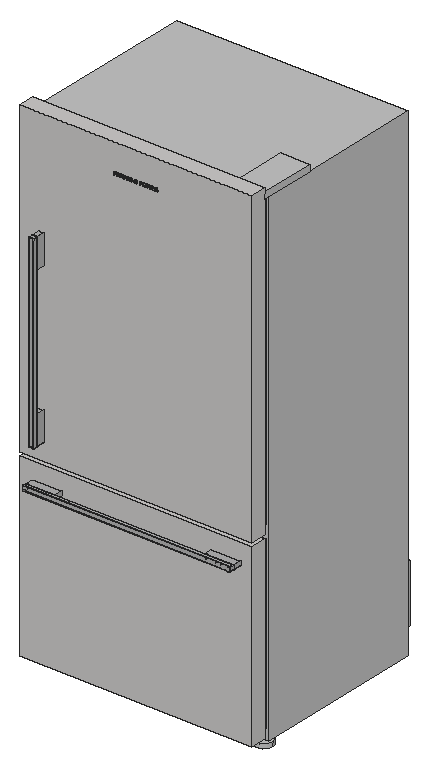
Revit family "FP-Revit18-RF522WDRX5-Fridges", category Specialty Equipment, Revit 2018
Family settings
  Round Connector Dimension = Use Diameter
  Part Type = Normal
  OmniClass Number = 23.40.40.11.11.17
  OmniClass Title = Refrigerator-Freezer
  Work Plane-Based = No
  Always vertical = Yes
  Cut with Voids When Loaded = Yes
  Shared = No
  Room Calculation Point = No
Parameters (values of type "RF522WDRX5")
  Visibility - Contemporary square handle = yes
  Visibility - Contemporary round handle = no
  Visibility - Clearance Required = yes
  URL = "www.fisherpaykel.com"
  Product - Width = 790 mm  # constant formula
  Product - Height = 1720 mm  # constant formula
  Product - Depth = 737 mm  # constant formula
  Model = "RF522WDRX5"
  Material - Logo = Fisher & Paykel - Steel, Chrome Plated
  Material - Handle = Fisher & Paykel - Aluminium
  Material - Door Structure = Fisher & Paykel - White
  Material - Door Front = Fisher & Paykel - Stainless Steel
  Material - Body = Fisher & Paykel - Grey
  Manufacturer = "Fisher & Paykel Appliances"
  Hinge - Height = 22 mm  # constant formula
  Description = "79cm Freestanding Refrigerator with Bottom Freezer"
  Connector Description - Electrical = "230 V, 50 Hz"
  Chassis - Width = 790 mm  # constant formula
  Chassis - Height = 1662 mm  # constant formula
  Chassis - Depth = 625 mm  # constant formula
  Cavity - Width = 830 mm  # constant formula
  Cavity - Height = 1735 mm  # constant formula
  Cavity - Depth = 625 mm  # constant formula
Reference planes
  plane 1 "Datum": y = 0
  plane 2: z = 0
  plane 3 "Center (Left/Right)": x = 0
  plane 4 "Product LHS": x = -395
  plane 5 "Product RHS": x = 395
  plane 6 "Product - Depth": y = 625
  plane 7 "Cavity LHS": x = -415
  plane 8 "Cavity RHS": x = 415
  plane 9 "Cavity - Depth": y = 625
  plane 10 "Product Height": z = 1720
  plane 11 "Cavity Height": z = 1735
  plane 12 "Door Panel Front": y = -70
Forms (mm)
  Extrusion 1, solid, material "Fisher & Paykel - Grey" <- "Material - Body"
    sketch origin (0, 0, 0) x (0, 1, 0) y (0, 0, 1)
      loop
        line (0, 24) -> (595, 24) -> (595, 1686) -> (0, 1686) -> (0, 24)
    from -395 to 395
  Extrusion 2, solid, material "Fisher & Paykel - Grey" <- "Material - Body"
    sketch origin (0, 0, 0) x (1, 0, 0) y (0, 1, 0)
      loop
        circle (-365, 18.6) r 4.9
      loop
        circle (365, 18.6) r 4.9
    from 14 to 24
  Extrusion 3, solid, material "Fisher & Paykel - Grey" <- "Material - Body"
    sketch origin (0, 0, 0) x (1, 0, 0) y (0, 1, 0)
      loop
        circle (-365, 18.6) r 30
      loop
        circle (365, 18.6) r 30
    from 0 to 14
  Extrusion 4, solid, material "Fisher & Paykel - Grey" <- "Material - Body"
    sketch origin (0, 0, 0) x (1, 0, 0) y (0, 0, 1)
      loop
        circle (355.042, 69) r 5
      loop
        circle (305.042, 69) r 5
    from -615 to -595
  Extrusion 5, solid, material "Fisher & Paykel - White" <- "Material - Door Structure"
    sketch origin (0, 0, 0) x (1, 0, 0) y (0, 1, 0)
      loop
        line (-387, 0) -> (-387, -15) -> (387, -15) -> (387, 0) -> (-387, 0)
    from 682 to 1680
  Extrusion 6, solid, material "Fisher & Paykel - Stainless Steel" <- "Material - Door Front"
    sketch origin (0, 0, 0) x (1, 0, 0) y (0, 1, 0)
      loop
        line (-395, -15) -> (-395, -70) -> (395, -70) -> (395, -15) -> (-395, -15)
    from 660 to 1720
  Extrusion 7, solid, material "Fisher & Paykel - Clearance Required", visible <- "Visibility - Clearance Required", detail levels coarse
    sketch origin (0, 0, 0) x (1, 0, 0) y (0, 1, 0)
      loop
        line (-415, 625) -> (-415, -70) -> (530, -70) -> (530, 0) -> (415, 0) -> (415, 625) -> (-415, 625)
    from 0 to 1735
  Extrusion 8, void
    sketch origin (0, 0, 0) x (1, 0, 0) y (0, 1, 0)
      loop
        line (-415, 625) -> (-415, -70) -> (530, -70) -> (530, 0) -> (415, 0) -> (415, 625) -> (-415, 625)
    from 0 to 1735
  Extrusion 9, solid, material "Fisher & Paykel - Stainless Steel" <- "Material - Door Front"
    sketch origin (0, 0, 0) x (1, 0, 0) y (0, 1, 0)
      loop
        line (-395, -15) -> (-395, -70) -> (395, -70) -> (395, -15) -> (-395, -15)
    from 37 to 647
  Extrusion 10, solid, material "Fisher & Paykel - White" <- "Material - Door Structure"
    sketch origin (0, 0, 0) x (1, 0, 0) y (0, 1, 0)
      loop
        line (-387, 0) -> (-387, -15) -> (387, -15) -> (387, 0) -> (-387, 0)
    from 59 to 639
  Extrusion 11, solid, material "Fisher & Paykel - Grey" <- "Material - Body"
    sketch origin (229.237, 0, 0) x (0, 1, 0) y (0, 0, 1)
      loop
        line (595, 324) -> (595, 94) -> (625, 94) -> (625, 294) -> (595, 324)
    from -604.237 to 145.763
  Extrusion 12, solid, material "Fisher & Paykel - Grey" <- "Material - Body"
    sketch origin (0, 0, 0) x (0, 1, 0) y (0, 0, 1)
      loop
        line (595, 94) -> (595, 24) -> (625, 24) -> (625, 94) -> (595, 94)
    from -375 to 280
  Extrusion 13, solid, material "Fisher & Paykel - Grey" <- "Material - Body", detail levels fine
    sketch origin (0, 0, -4) x (0, 1, 0) y (0, 0, -1)
      loop
        line (62.091, -28) -> (112.909, -28)
        arc (112.909, -28) -> (87.5, -4) -> (62.091, -28) r 25.45
      loop
        line (503.639, -28) -> (554.456, -28)
        arc (554.456, -28) -> (529.047, -4) -> (503.639, -28) r 25.45
    from 345 to 362
  Extrusion 14, solid, material "Fisher & Paykel - Grey" <- "Material - Body"
    sketch origin (0, 0, 0) x (1, 0, 0) y (0, 1, 0)
      loop
        line (296.4, 174) -> (296.4, -15) -> (395, -15) -> (395, 174) -> (296.4, 174)
    from 1686 to 1708
  Extrusion 15, solid, material "Fisher & Paykel - Clearance Required", visible <- "Visibility - Clearance Required", detail levels coarse
    sketch origin (0, 0, 0) x (1, 0, 0) y (0, 1, 0)
      loop
        line (460.698, -70) -> (-395, -70)
        arc (-395, -70) -> (135.432, -761.124) -> (975.827, -531.456) r 781.226
        line (975.827, -531.456) -> (928.753, -489.287) -> (956.777, -458.004) -> (945.37, -447.786) -> (917.346, -479.069) -> (460.698, -70)
    from 660 to 1735
  Extrusion 16, solid, material "Fisher & Paykel - Grey" <- "Material - Body", detail levels fine
    sketch origin (0, 0, -4) x (0, 1, 0) y (0, 0, 1)
      loop
        arc (62.091, 28) -> (87.5, 4) -> (112.909, 28) r 25.45
        line (112.909, 28) -> (62.091, 28)
      loop
        arc (503.639, 28) -> (529.047, 4) -> (554.456, 28) r 25.45
        line (554.456, 28) -> (503.639, 28)
    from 345 to 362
  Extrusion 17, solid, material "Fisher & Paykel - Clearance Required", visible <- "Visibility - Clearance Required", detail levels coarse
    sketch origin (0, 0, 0) x (0, 1, 0) y (0, 0, 1)
      loop
        line (-70, 647) -> (-445, 647) -> (-445, 590.956) -> (-487, 590.956) -> (-487, 574.956) -> (-445, 574.956) -> (-445, 37) -> (-70, 37) -> (-70, 647)
    from -415 to 415
  Extrusion 18, solid, material "Fisher & Paykel - Steel, Chrome Plated" <- "Material - Logo", detail levels fine
    sketch origin (0, -70, 1620.022) x (1, 0, 0) y (0, 0, 1)
      loop
        line (-74.994, 0) -> (-72.633, 0) -> (-72.633, 3.207) -> (-68.944, 3.207) -> (-68.944, 5.208) -> (-72.633, 5.208) -> (-72.633, 7.068) -> (-68.62, 7.068) -> (-68.62, 9.06) -> (-74.994, 9.06) -> (-74.994, 0)
      loop
        line (-64.134, 9.06) -> (-64.134, 0) -> (-61.773, 0) -> (-61.773, 9.06) -> (-64.134, 9.06)
      loop
        line (-46.015, 9.06) -> (-46.015, 0) -> (-43.654, 0) -> (-43.654, 3.63) -> (-40.187, 3.63) -> (-40.187, 0) -> (-37.826, 0) -> (-37.826, 9.06) -> (-40.187, 9.06) -> (-40.187, 5.622) -> (-43.654, 5.622) -> (-43.654, 9.06) -> (-46.015, 9.06)
      loop
        line (-32.787, 9.06) -> (-32.787, 0) -> (-26.332, 0) -> (-26.332, 1.992) -> (-30.448, 1.992) -> (-30.448, 3.63) -> (-26.686, 3.63) -> (-26.686, 5.622) -> (-30.448, 5.622) -> (-30.448, 7.068) -> (-26.332, 7.068) -> (-26.332, 9.06) -> (-32.787, 9.06)
      loop
        line (68.572, 9.06) -> (68.572, 0) -> (75.006, 0) -> (75.006, 1.992) -> (70.933, 1.992) -> (70.933, 9.06) -> (68.572, 9.06)
      loop
        line (63.719, 9.06) -> (57.241, 9.06) -> (57.241, 0) -> (63.719, 0) -> (63.719, 1.992) -> (59.602, 1.992) -> (59.602, 3.63) -> (63.364, 3.63) -> (63.364, 5.622) -> (59.602, 5.622) -> (59.602, 7.068) -> (63.719, 7.068) -> (63.719, 9.06)
      loop
        line (50.248, 4.722) -> (53.597, 9.06) -> (50.837, 9.06) -> (47.945, 5.313) -> (47.945, 9.06) -> (45.585, 9.06) -> (45.585, 0) -> (47.945, 0) -> (47.945, 4.058) -> (50.926, 0) -> (53.716, 0) -> (50.248, 4.722)
      loop
        line (33.043, 9.06) -> (36.466, 3.63) -> (36.466, 0) -> (38.827, 0) -> (38.827, 3.511) -> (42.25, 9.06) -> (39.742, 9.06) -> (37.721, 5.561) -> (35.701, 9.06) -> (33.043, 9.06)
      loop
        line (27.79, 9.06) -> (25.547, 9.06) -> (21.858, 0) -> (24.175, 0) -> (24.824, 1.668) -> (28.454, 1.668) -> (29.103, 0) -> (31.479, 0) -> (27.79, 9.06)
      loop
        line (27.671, 3.659) -> (26.612, 6.261) -> (25.599, 3.659) -> (27.671, 3.659)
      loop
        line (12.119, 9.06) -> (12.119, 0) -> (14.48, 0) -> (14.48, 2.907) -> (15.971, 2.907)
        arc (15.971, 2.907) -> (19.048, 5.983) -> (15.971, 9.06) r 3.077
        line (15.971, 9.06) -> (12.119, 9.06)
      loop
        line (14.48, 7.068) -> (14.48, 4.796) -> (15.824, 4.796)
        arc (15.824, 4.796) -> (16.96, 5.932) -> (15.824, 7.068) r 1.136
        line (15.824, 7.068) -> (14.48, 7.068)
      loop
        line (-17.602, 9.06) -> (-21.477, 9.06) -> (-21.477, 0) -> (-19.116, 0) -> (-19.116, 2.522) -> (-18.311, 2.522) -> (-16.387, 0) -> (-13.657, 0) -> (-15.969, 2.959)
        arc (-15.969, 2.959) -> (-14.445, 6.636) -> (-17.602, 9.06) r 3.269
      loop
        line (-17.774, 7.068) -> (-19.116, 7.068) -> (-19.116, 4.579) -> (-17.774, 4.579)
        arc (-17.774, 4.579) -> (-16.529, 5.823) -> (-17.774, 7.068) r 1.244
      loop
        line (0.788, 7.068) -> (0.788, 9.229) -> (-5.291, 9.229) -> (-5.291, 7.276) -> (-4.389, 6.167)
        arc (-4.389, 6.167) -> (-5.193, 1.025) -> (0.005, 0.768) r 3.5
        line (0.005, 0.768) -> (0.63, 0) -> (3.308, 0) -> (1.362, 2.391) -> (3.12, 4.924) -> (0.694, 4.924) -> (0.053, 4) -> (-2.443, 7.068) -> (0.788, 7.068)
      loop
        arc (-3.116, 4.603) -> (-3.331, 2.502) -> (-1.23, 2.286) r 1.493
        line (-1.23, 2.286) -> (-3.116, 4.603)
      loop
        line (-52.698, 5.451) -> (-54.701, 5.866)
        arc (-54.701, 5.866) -> (-55.501, 6.665) -> (-54.701, 7.465) r 0.799
        arc (-54.701, 7.465) -> (-52.78, 7.185) -> (-51.017, 6.371) r 6.757
        line (-51.017, 6.371) -> (-51.017, 8.615)
        arc (-51.017, 8.615) -> (-53.252, 9.269) -> (-55.578, 9.164) r 7.089
        arc (-55.578, 9.164) -> (-57.732, 6.502) -> (-55.578, 3.841) r 2.721
        line (-55.578, 3.841) -> (-53.559, 3.423)
        arc (-53.559, 3.423) -> (-52.76, 2.623) -> (-53.559, 1.824) r 0.799
        arc (-53.559, 1.824) -> (-55.481, 2.103) -> (-57.244, 2.917) r 6.757
        line (-57.244, 2.917) -> (-57.244, 0.674)
        arc (-57.244, 0.674) -> (-55.009, 0.02) -> (-52.682, 0.125) r 7.089
        arc (-52.682, 0.125) -> (-50.529, 2.795) -> (-52.698, 5.451) r 2.721
    from 0 to 0.8
Cuts and joins
  joined: Extrusion 11, Extrusion 12
Text (mm)
  text "Due to ongoing product development, product details are subject to change without notice. \nPlease always refer to www.fisherpaykel.com for the most current product information. \n© Fisher & Paykel 2020" at (41.04, -848.295, 0), in view "Ref. Level (Plan)"
Dimensions and locks
  equal spacing: plane 4 "Product LHS", plane 3 "Center (Left/Right)", plane 5 "Product RHS"
  "Product - Width": plane 4 "Product LHS" to plane 5 "Product RHS"
  "Cavity - Depth": plane 1 "Datum" to plane 6 "Product - Depth"
  equal spacing: plane 7 "Cavity LHS", plane 3 "Center (Left/Right)", plane 8 "Cavity RHS"
  "Cavity - Width": plane 7 "Cavity LHS" to plane 8 "Cavity RHS"
  "Chassis - Depth": plane 9 "Cavity - Depth" to plane 1 "Datum"
  Extrusion 4 sketch curve to plane 5 "Product RHS" = 39.958 mm
  locked: Extrusion 3 to level at 14
  "Product - Height": level to plane 10 "Product Height"
  Extrusion 1 sketch curve to plane 10 "Product Height" = 34 mm
  "Cavity - Height": plane 11 "Cavity Height" to level
  "Chassis - Depth": plane 1 "Datum" to plane 9 "Cavity - Depth"
  Extrusion 9 to Extrusion 1 = 13 mm
  Extrusion 9 to Extrusion 1 = 623 mm
  locked: Extrusion 1 to Extrusion 5 at 658
  locked: Extrusion 1 to Extrusion 10 at 615
  locked: Extrusion 1 to Extrusion 5 at 1656
  "Hinge - Height": Extrusion 14 to Extrusion 1
  "Chassis - Height": Extrusion 1 to Extrusion 1
  locked: Extrusion 1 to plane 10 "Product Height" at 34
  locked: Extrusion 13 sketch curve to Extrusion 1 at 24  (x2)
  Extrusion 1 to Extrusion 4 = 45 mm  (x2)
  locked: Extrusion 1 to cut or joined group of Extrusion 11, Extrusion 12 at 70
  locked: Extrusion 4 sketch curve to Extrusion 1 at 40  (x2)
  locked: Extrusion 1 to nested 1 at 566.956
  locked: nested 2 to Extrusion 1 at 1333
  locked: Extrusion 13 to Extrusion 1 at 24  (x2)
  "Chassis - Width": Extrusion 1 to Extrusion 1
  "Product - Depth": plane 6 "Product - Depth" to nested 2
  aligned and locked: level to plane 2
  aligned and locked: Extrusion 1 to plane 5 "Product RHS"
  aligned and locked: plane 4 "Product LHS" to Extrusion 1
  aligned and locked: Extrusion 6 sketch curve to plane 4 "Product LHS"
  aligned and locked: plane 5 "Product RHS" to Extrusion 6 sketch curve
  aligned and locked: Extrusion 1 sketch curve to plane 1 "Datum"
  aligned and locked: Extrusion 12 sketch curve to plane 6 "Product - Depth"
  aligned and locked: Extrusion 4 to Extrusion 1
  aligned and locked: Extrusion 14 to Extrusion 1
  aligned and locked: Extrusion 8 to plane 11 "Cavity Height"
  aligned and locked: Extrusion 6 to plane 10 "Product Height"
  aligned and locked: Extrusion 2 to Extrusion 1
  aligned and locked: Extrusion 13 sketch curve to Extrusion 13 sketch curve
  aligned and locked: Extrusion 13 sketch curve to Extrusion 1
  aligned and locked: Extrusion 16 sketch curve to Extrusion 16 sketch curve
  aligned and locked: Extrusion 1 to Extrusion 12
  aligned and locked: Extrusion 12 to Extrusion 11
  aligned and locked: Extrusion 7 to plane 11 "Cavity Height"
  aligned and locked: Extrusion 1 to Extrusion 16 sketch curve
  aligned and locked: Extrusion 9 to Extrusion 17
Automatic sketch dimensions
  plane 1 "Datum" to Extrusion 6 sketch curve = 70 mm
  plane 1 "Datum" to Extrusion 6 sketch curve = 15 mm
  Extrusion 1 sketch curve to plane 6 "Product - Depth" = 30 mm
  level to Extrusion 1 sketch curve = 24 mm
  Extrusion 2 sketch curve to plane 4 "Product LHS" = 30 mm
  plane 5 "Product RHS" to Extrusion 2 sketch curve = 30 mm
  Extrusion 2 sketch curve to plane 1 "Datum" = 18.6 mm  (x2)
  Extrusion 3 sketch curve to plane 4 "Product LHS" = 30 mm
  plane 5 "Product RHS" to Extrusion 3 sketch curve = 30 mm
  Extrusion 3 sketch curve to plane 1 "Datum" = 18.6 mm  (x2)
  Extrusion 4 sketch curve to Extrusion 4 sketch curve = 50 mm
  level to Extrusion 4 sketch curve = 69 mm
  Extrusion 4 sketch curve to Extrusion 4 sketch curve = 0 mm
  plane 1 "Datum" to Extrusion 5 sketch curve = 0 mm
  Extrusion 5 sketch curve to plane 4 "Product LHS" = 8 mm
  plane 5 "Product RHS" to Extrusion 5 sketch curve = 8 mm
  plane 1 "Datum" to Extrusion 5 sketch curve = 15 mm
  Extrusion 7 sketch curve to plane 6 "Product - Depth" = 0 mm
  Extrusion 7 sketch curve to plane 7 "Cavity LHS" = 0 mm
  plane 1 "Datum" to Extrusion 7 sketch curve = 0 mm
  Extrusion 7 sketch curve to plane 8 "Cavity RHS" = 0 mm
  plane 12 "Door Panel Front" to Extrusion 7 sketch curve = 0 mm
  Extrusion 7 sketch curve to plane 8 "Cavity RHS" = 115 mm
  Extrusion 8 sketch curve to plane 6 "Product - Depth" = 0 mm
  Extrusion 8 sketch curve to plane 7 "Cavity LHS" = 0 mm
  plane 1 "Datum" to Extrusion 8 sketch curve = 0 mm
  Extrusion 8 sketch curve to plane 8 "Cavity RHS" = 0 mm
  plane 12 "Door Panel Front" to Extrusion 8 sketch curve = 0 mm
  Extrusion 8 sketch curve to plane 8 "Cavity RHS" = 115 mm
  Extrusion 9 sketch curve to plane 4 "Product LHS" = 0 mm
  Extrusion 9 sketch curve to plane 5 "Product RHS" = 0 mm
  plane 12 "Door Panel Front" to Extrusion 9 sketch curve = 0 mm
  plane 1 "Datum" to Extrusion 9 sketch curve = 15 mm
  plane 1 "Datum" to Extrusion 10 sketch curve = 0 mm
  Extrusion 10 sketch curve to plane 4 "Product LHS" = 8 mm
  plane 5 "Product RHS" to Extrusion 10 sketch curve = 8 mm
  plane 1 "Datum" to Extrusion 10 sketch curve = 15 mm
  Extrusion 11 sketch curve to plane 6 "Product - Depth" = 0 mm
  Extrusion 11 sketch curve to plane 6 "Product - Depth" = 30 mm
  level to Extrusion 11 sketch curve = 94 mm
  Extrusion 11 sketch curve to Extrusion 11 sketch curve = 200 mm
  Extrusion 11 sketch curve to Extrusion 11 sketch curve = 30 mm
  Extrusion 12 sketch curve to Extrusion 12 sketch curve = 30 mm
  level to Extrusion 12 sketch curve = 24 mm
  Extrusion 12 sketch curve to Extrusion 12 sketch curve = 70 mm
  Extrusion 13 sketch curve to plane 1 "Datum" = 62.091 mm
  Extrusion 13 sketch curve to Extrusion 13 sketch curve = 25.409 mm
  Extrusion 13 sketch curve to plane 6 "Product - Depth" = 121.361 mm
  level to Extrusion 13 sketch curve = 25.45 mm
  Extrusion 15 sketch curve to plane 12 "Door Panel Front" = 0 mm
  plane 4 "Product LHS" to Extrusion 15 sketch curve = 0 mm
  plane 5 "Product RHS" to Extrusion 15 sketch curve = 10.329 mm
  Extrusion 15 sketch curve to plane 8 "Cavity RHS" = 45.698 mm
  Extrusion 15 sketch curve to plane 8 "Cavity RHS" = 502.346 mm
  Extrusion 15 sketch curve to Extrusion 15 sketch curve = 11.406 mm  (x2)
  Extrusion 15 sketch curve to Extrusion 15 sketch curve = 28.024 mm
  Extrusion 15 sketch curve to Extrusion 15 sketch curve = 47.074 mm
  plane 1 "Datum" to Extrusion 15 sketch curve = 447.786 mm
  Extrusion 16 sketch curve to plane 1 "Datum" = 62.091 mm
  Extrusion 16 sketch curve to Extrusion 16 sketch curve = 25.409 mm  (x2)
  Extrusion 16 sketch curve to plane 6 "Product - Depth" = 121.361 mm
  Extrusion 16 sketch curve to Extrusion 16 sketch curve = 1.45 mm  (x2)
  Extrusion 17 sketch curve to plane 12 "Door Panel Front" = 0 mm
  level to Extrusion 17 sketch curve = 37 mm
  Extrusion 17 sketch curve to Extrusion 17 sketch curve = 375 mm
  Extrusion 17 sketch curve to Extrusion 17 sketch curve = 0 mm
  Extrusion 17 sketch curve to Extrusion 17 sketch curve = 42 mm
  Extrusion 17 sketch curve to Extrusion 17 sketch curve = 537.956 mm
  Extrusion 17 sketch curve to Extrusion 17 sketch curve = 16 mm
  Extrusion 17 sketch curve to Extrusion 17 sketch curve = 56.044 mm
  Extrusion 18 sketch curve to plane 3 "Center (Left/Right)" = 74.994 mm
  Extrusion 18 sketch curve to Extrusion 18 sketch curve = 2.361 mm  (x13)
  Extrusion 18 sketch curve to Extrusion 18 sketch curve = 3.689 mm
  Extrusion 18 sketch curve to Extrusion 18 sketch curve = 0.324 mm
  Extrusion 18 sketch curve to Extrusion 18 sketch curve = 4.486 mm
  Extrusion 18 sketch curve to Extrusion 18 sketch curve = 4.53 mm
  Extrusion 18 sketch curve to Extrusion 18 sketch curve = 1.665 mm
  Extrusion 18 sketch curve to Extrusion 18 sketch curve = 0.568 mm
  Extrusion 18 sketch curve to Extrusion 18 sketch curve = 0.309 mm  (x2)
  Extrusion 18 sketch curve to Extrusion 18 sketch curve = 0.54 mm
  Extrusion 18 sketch curve to Extrusion 18 sketch curve = 0.602 mm
  Extrusion 18 sketch curve to Extrusion 18 sketch curve = 1.142 mm
  Extrusion 18 sketch curve to Extrusion 18 sketch curve = 0 mm  (x19)
  Extrusion 18 sketch curve to Extrusion 18 sketch curve = 2.003 mm
  Extrusion 18 sketch curve to Extrusion 18 sketch curve = 2.542 mm
  Extrusion 18 sketch curve to Extrusion 18 sketch curve = 7.235 mm
  Extrusion 18 sketch curve to Extrusion 18 sketch curve = 3.468 mm  (x2)
  Extrusion 18 sketch curve to Extrusion 18 sketch curve = 5.039 mm
  Extrusion 18 sketch curve to Extrusion 18 sketch curve = 2.339 mm  (x2)
  Extrusion 18 sketch curve to Extrusion 18 sketch curve = 3.763 mm  (x2)
  Extrusion 18 sketch curve to Extrusion 18 sketch curve = 0.354 mm  (x4)
  Extrusion 18 sketch curve to Extrusion 18 sketch curve = 4.854 mm
  Extrusion 18 sketch curve to Extrusion 18 sketch curve = 0.805 mm
  Extrusion 18 sketch curve to Extrusion 18 sketch curve = 1.343 mm
  Extrusion 18 sketch curve to Extrusion 18 sketch curve = 0.172 mm
  Extrusion 18 sketch curve to Extrusion 18 sketch curve = 2.73 mm  (x2)
  Extrusion 18 sketch curve to Extrusion 18 sketch curve = 2.343 mm
  Extrusion 18 sketch curve to plane 3 "Center (Left/Right)" = 5.291 mm
  Extrusion 18 sketch curve to Extrusion 18 sketch curve = 0.902 mm
  Extrusion 18 sketch curve to Extrusion 18 sketch curve = 1.273 mm
  Extrusion 18 sketch curve to Extrusion 18 sketch curve = 0.638 mm
  Extrusion 18 sketch curve to Extrusion 18 sketch curve = 1.946 mm
  Extrusion 18 sketch curve to Extrusion 18 sketch curve = 0.305 mm
  Extrusion 18 sketch curve to plane 3 "Center (Left/Right)" = 1.23 mm
  plane 3 "Center (Left/Right)" to Extrusion 18 sketch curve = 0.005 mm
  plane 3 "Center (Left/Right)" to Extrusion 18 sketch curve = 0.053 mm
  plane 3 "Center (Left/Right)" to Extrusion 18 sketch curve = 0.63 mm
  plane 3 "Center (Left/Right)" to Extrusion 18 sketch curve = 0.694 mm
  plane 3 "Center (Left/Right)" to Extrusion 18 sketch curve = 0.788 mm
  plane 3 "Center (Left/Right)" to Extrusion 18 sketch curve = 1.362 mm
  Extrusion 18 sketch curve to Extrusion 18 sketch curve = 2.426 mm
  Extrusion 18 sketch curve to Extrusion 18 sketch curve = 2.678 mm
  Extrusion 18 sketch curve to Extrusion 18 sketch curve = 8.999 mm
  Extrusion 18 sketch curve to Extrusion 18 sketch curve = 1.344 mm
  Extrusion 18 sketch curve to Extrusion 18 sketch curve = 0.147 mm
  Extrusion 18 sketch curve to Extrusion 18 sketch curve = 5.887 mm
  Extrusion 18 sketch curve to Extrusion 18 sketch curve = 2.317 mm
  Extrusion 18 sketch curve to Extrusion 18 sketch curve = 0.649 mm  (x2)
  Extrusion 18 sketch curve to Extrusion 18 sketch curve = 0.723 mm
  Extrusion 18 sketch curve to Extrusion 18 sketch curve = 0.775 mm
  Extrusion 18 sketch curve to Extrusion 18 sketch curve = 1.013 mm
  Extrusion 18 sketch curve to Extrusion 18 sketch curve = 2.072 mm
  Extrusion 18 sketch curve to Extrusion 18 sketch curve = 2.243 mm  (x3)
  Extrusion 18 sketch curve to Extrusion 18 sketch curve = 0.782 mm
  Extrusion 18 sketch curve to Extrusion 18 sketch curve = 2.376 mm
  Extrusion 18 sketch curve to Extrusion 18 sketch curve = 5.252 mm
  Extrusion 18 sketch curve to Extrusion 18 sketch curve = 2.658 mm
  Extrusion 18 sketch curve to Extrusion 18 sketch curve = 0.765 mm
  Extrusion 18 sketch curve to Extrusion 18 sketch curve = 1.255 mm  (x2)
  Extrusion 18 sketch curve to Extrusion 18 sketch curve = 4.041 mm
  Extrusion 18 sketch curve to Extrusion 18 sketch curve = 2.509 mm
  Extrusion 18 sketch curve to Extrusion 18 sketch curve = 3.334 mm
  Extrusion 18 sketch curve to Extrusion 18 sketch curve = 2.303 mm
  Extrusion 18 sketch curve to Extrusion 18 sketch curve = 2.892 mm
  Extrusion 18 sketch curve to Extrusion 18 sketch curve = 2.981 mm
  Extrusion 18 sketch curve to Extrusion 18 sketch curve = 2.759 mm
  Extrusion 18 sketch curve to Extrusion 18 sketch curve = 2.79 mm
  Extrusion 18 sketch curve to Extrusion 18 sketch curve = 3.644 mm
  Extrusion 18 sketch curve to Extrusion 18 sketch curve = 4.853 mm
  Extrusion 18 sketch curve to Extrusion 18 sketch curve = 4.073 mm
  plane 10 "Product Height" to Extrusion 18 sketch curve = 99.978 mm  (x2)
  Extrusion 18 sketch curve to Extrusion 18 sketch curve = 0.674 mm
  Extrusion 18 sketch curve to Extrusion 18 sketch curve = 0.034 mm
  Extrusion 18 sketch curve to Extrusion 18 sketch curve = 0.768 mm
  Extrusion 18 sketch curve to Extrusion 18 sketch curve = 1.668 mm
  Extrusion 18 sketch curve to Extrusion 18 sketch curve = 1.992 mm  (x10)
  Extrusion 18 sketch curve to Extrusion 18 sketch curve = 1.523 mm
  Extrusion 18 sketch curve to Extrusion 18 sketch curve = 1.518 mm
  Extrusion 18 sketch curve to Extrusion 18 sketch curve = 1.624 mm
  Extrusion 18 sketch curve to Extrusion 18 sketch curve = 2.522 mm
  Extrusion 18 sketch curve to Extrusion 18 sketch curve = 0.393 mm  (x2)
  Extrusion 18 sketch curve to Extrusion 18 sketch curve = 0.163 mm  (x2)
  Extrusion 18 sketch curve to Extrusion 18 sketch curve = 2.907 mm
  Extrusion 18 sketch curve to Extrusion 18 sketch curve = 0.437 mm
  Extrusion 18 sketch curve to Extrusion 18 sketch curve = 3.207 mm
  Extrusion 18 sketch curve to Extrusion 18 sketch curve = 0.949 mm
  Extrusion 18 sketch curve to Extrusion 18 sketch curve = 0.637 mm  (x2)
  Extrusion 18 sketch curve to Extrusion 18 sketch curve = 0.21 mm
  Extrusion 18 sketch curve to Extrusion 18 sketch curve = 3.511 mm
  Extrusion 18 sketch curve to Extrusion 18 sketch curve = 3.63 mm
  Extrusion 18 sketch curve to Extrusion 18 sketch curve = 1.638 mm  (x2)
  Extrusion 18 sketch curve to Extrusion 18 sketch curve = 0.118 mm
  Extrusion 18 sketch curve to Extrusion 18 sketch curve = 0.924 mm  (x2)
  Extrusion 18 sketch curve to Extrusion 18 sketch curve = 1.609 mm
  Extrusion 18 sketch curve to Extrusion 18 sketch curve = 4.058 mm
  Extrusion 18 sketch curve to Extrusion 18 sketch curve = 2.057 mm
  Extrusion 18 sketch curve to Extrusion 18 sketch curve = 0.664 mm
  Extrusion 18 sketch curve to Extrusion 18 sketch curve = 1.889 mm
  Extrusion 18 sketch curve to Extrusion 18 sketch curve = 2.002 mm
  Extrusion 18 sketch curve to Extrusion 18 sketch curve = 2.028 mm
  Extrusion 18 sketch curve to Extrusion 18 sketch curve = 1.931 mm
  Extrusion 18 sketch curve to Extrusion 18 sketch curve = 1.212 mm
  Extrusion 18 sketch curve to Extrusion 18 sketch curve = 0.032 mm
  Extrusion 18 sketch curve to Extrusion 18 sketch curve = 0.415 mm
  Extrusion 18 sketch curve to Extrusion 18 sketch curve = 1.136 mm
  Extrusion 18 sketch curve to Extrusion 18 sketch curve = 0.052 mm
  Extrusion 18 sketch curve to Extrusion 18 sketch curve = 2.602 mm
  Extrusion 18 sketch curve to Extrusion 18 sketch curve = 0.92 mm
  Extrusion 18 sketch curve to Extrusion 18 sketch curve = 0.9 mm
  Extrusion 18 sketch curve to Extrusion 18 sketch curve = 1.446 mm  (x2)
  Extrusion 18 sketch curve to Extrusion 18 sketch curve = 1.859 mm
  Extrusion 18 sketch curve to Extrusion 18 sketch curve = 1.109 mm
  Extrusion 18 sketch curve to Extrusion 18 sketch curve = 1.116 mm
  Extrusion 18 sketch curve to Extrusion 18 sketch curve = 3.499 mm  (x2)
  Extrusion 18 sketch curve to Extrusion 18 sketch curve = 3.438 mm  (x2)
  Extrusion 18 sketch curve to Extrusion 18 sketch curve = 7.068 mm
  Extrusion 18 sketch curve to Extrusion 18 sketch curve = 0.104 mm
  Extrusion 18 sketch curve to Extrusion 18 sketch curve = 2.799 mm
  Extrusion 18 sketch curve to Extrusion 18 sketch curve = 4.338 mm
  Extrusion 18 sketch curve to Extrusion 18 sketch curve = 1.953 mm
  Extrusion 14 sketch curve to plane 5 "Product RHS" = 0 mm
  Extrusion 14 sketch curve to Extrusion 14 sketch curve = 98.6 mm
  plane 1 "Datum" to Extrusion 14 sketch curve = 15 mm
  Extrusion 14 sketch curve to plane 1 "Datum" = 174 mm
  radius of Extrusion 2 sketch curve = 4.9 mm  (x2)
  radius of Extrusion 3 sketch curve = 30 mm  (x2)
Nested families
  nested 1: "F&P Handle Contemporary Square - Horizontal" at (0, -70, 582.978), visible <- "Visibility - Contemporary square handle", type "Contemporary square handle"
  nested 2: "F&P Handle Contemporary Square - Vertical" at (-324, -70, 1036), visible <- "Visibility - Contemporary square handle", type "Contemporary square handle"
  nested 3: "F&P Handle Kit - Contemporary Round - Vertical" at (-324, -70, 1036), visible <- "Visibility - Contemporary round handle", type "25338 AHS-RF-522W - Contemporary round handle (1 of 2) (Vertical) 642mm"
  nested 4: "F&P Handle Kit - Contemporary Round - Horizontal" at (0, -70, 582.956), visible <- "Visibility - Contemporary round handle", type "25338 AHS-RF-522W - Contemporary round handle (2 of 2) (Horizontal) 710mm"
Connectors
  electrical at (355.042, 615, 69), driven by "Connector Description - Electrical"
    settings: on Extrusion 4, index 2, voltage 230 V, apparent load 0 VA, apparent load phase1 0 VA, apparent load phase2 0 VA, apparent load phase3 0 VA, power factor 1, load classification "Other", number of poles 1, system type 30, power factor state 1, is connector primary yes, connector utility no, sub classification motor no, connector description "230 V, 50 Hz"
Definition of nested family "F&P Handle Contemporary Square - Horizontal"
  Parameters (values of type "Contemporary square handle")
    URL = "www.fisherpaykel.com"
    Material - Handle = none
    Manufacturer = "Fisher & Paykel Appliances"
    Handle - Standoff Length = 100 mm
    Handle - Length = 710 mm
  Reference planes
    plane 1 "Center (Front/Back)": y = 0
    plane 2: z = 0
    plane 3 "Center (Left/Right)": x = 0
    plane 4 "Product LHS": x = -355
    plane 5 "Product RHS": x = 355
    plane 6 "LHS Standoff": x = -255
    plane 7 "RHS Standoff": x = 255
  Forms (mm)
    Extrusion 1, solid, material <- "Material - Handle", detail levels fine
      sketch origin (0, 0, 0) x (0, 1, 0) y (0, 0, 1)
        loop
          arc (-28.701, 7.561) -> (-29.057, 7.868) -> (-29.514, 7.978) r 1
          line (-29.514, 7.978) -> (-40.5, 7.978)
          arc (-40.5, 7.978) -> (-41.561, 7.539) -> (-42, 6.478) r 1.5
          line (-42, 6.478) -> (-42, -6.522)
          arc (-42, -6.522) -> (-41.561, -7.583) -> (-40.5, -8.022) r 1.5
          line (-40.5, -8.022) -> (-29.487, -8.022)
          arc (-29.487, -8.022) -> (-29.029, -7.911) -> (-28.673, -7.602) r 1
          arc (-28.673, -7.602) -> (-26.256, -0.016) -> (-28.701, 7.561) r 13.038
      from -355 to 355
    Extrusion 2, solid, material <- "Material - Handle", detail levels fine
      sketch origin (0, 0, 0) x (0, 1, 0) y (0, 0, 1)
        loop
          arc (-28.23, 7.062) -> (-26.156, 0.008) -> (-28.198, -7.056) r 13.136
          arc (-28.198, -7.056) -> (-28.21, -7.463) -> (-27.86, -7.67) r 0.4
          line (-27.86, -7.67) -> (0, -7.67) -> (0, 7.678) -> (-27.893, 7.678)
          arc (-27.893, 7.678) -> (-28.244, 7.47) -> (-28.23, 7.062) r 0.4
      from 255 to 355
    Extrusion 3, solid, material <- "Material - Handle", detail levels fine
      sketch origin (0, 0, 0) x (0, 1, 0) y (0, 0, -1)
        loop
          arc (-28.23, -7.062) -> (-28.244, -7.47) -> (-27.893, -7.678) r 0.4
          line (-27.893, -7.678) -> (0, -7.678) -> (0, 7.67) -> (-27.86, 7.67)
          arc (-27.86, 7.67) -> (-28.21, 7.463) -> (-28.198, 7.056) r 0.4
          arc (-28.198, 7.056) -> (-26.156, -0.008) -> (-28.23, -7.062) r 13.136
      from 255 to 355
    Sweep 4, void
      path in 3D
        loop
          line (355, -29.514, 7.978) -> (355, -40.5, 7.978)
          arc (355, -40.5, 7.978) -> (355, -41.561, 7.539) -> (355, -42, 6.478) r 1.5
          line (355, -42, 6.478) -> (355, -42, -6.522)
          arc (355, -42, -6.522) -> (355, -41.561, -7.583) -> (355, -40.5, -8.022) r 1.5
          line (355, -40.5, -8.022) -> (355, -29.487, -8.022)
      profile origin (355, -35.007, 7.978) x (1, 0, 0) y (0, 0, 1)
        loop
          line (0, 0) -> (-1.3, 0) -> (0, -1.3) -> (0, 0)
    Sweep 5, void
      path in 3D
        loop
          line (-355, -29.487, -8.022) -> (-355, -40.5, -8.022)
          arc (-355, -40.5, -8.022) -> (-355, -41.561, -7.583) -> (-355, -42, -6.522) r 1.5
          line (-355, -42, -6.522) -> (-355, -42, 6.478)
          arc (-355, -42, 6.478) -> (-355, -41.561, 7.539) -> (-355, -40.5, 7.978) r 1.5
          line (-355, -40.5, 7.978) -> (-355, -29.514, 7.978)
      profile origin (-355, -35.007, 7.978) x (-1, 0, 0) y (0, 0, 1)
        loop
          line (0, 0) -> (-1.3, 0) -> (0, -1.3) -> (0, 0)
    Extrusion 6, void
      sketch origin (0, 0, 0) x (1, 0, 0) y (0, 0, 1)
        loop
          line (355, 7.978) -> (353.7, 7.978) -> (355, 6.678) -> (355, 7.978)
        loop
          line (355, -8.022) -> (355, -6.722) -> (353.7, -8.022) -> (355, -8.022)
      from 0 to 40
    Extrusion 7, void
      sketch origin (0, 0, 0) x (1, 0, 0) y (0, 0, 1)
        loop
          line (-355, 7.978) -> (-355, 6.678) -> (-353.7, 7.978) -> (-355, 7.978)
        loop
          line (-355, -8.022) -> (-353.7, -8.022) -> (-355, -6.722) -> (-355, -8.022)
      from 0 to 40
    Extrusion 8, solid, material <- "Material - Handle", detail levels coarse+medium
      sketch origin (0, 0, 0) x (1, 0, 0) y (0, 1, 0)
        loop
          line (-355, -42) -> (355, -42) -> (355, 0) -> (255, 0) -> (255, -26.156) -> (-255, -26.156) -> (-255, 0) -> (-355, 0) -> (-355, -42)
      from -8.022 to 7.978
  Cuts and joins
    Sweep 4, Sweep 5, Extrusion 6, Extrusion 7 cuts Extrusion 1
    Extrusion 6 cuts Extrusion 2
    Extrusion 7 cuts Extrusion 3
  Lines and regions (mm)
    sketch lines
      curve 1: line (355, -29.514, 7.978) -> (355, -40.5, 7.978)
      curve 2: arc (355, -42, 6.478) -> (355, -41.561, 7.539) -> (355, -40.5, 7.978) r 1.5
      curve 3: line (355, -42, 6.478) -> (355, -42, -6.522)
      curve 4: arc (355, -40.5, -8.022) -> (355, -41.561, -7.583) -> (355, -42, -6.522) r 1.5
      curve 5: line (355, -40.5, -8.022) -> (355, -29.487, -8.022)
      curve 6: line (-355, -40.5, 7.978) -> (-355, -29.514, 7.978)
      curve 7: arc (-355, -40.5, 7.978) -> (-355, -41.561, 7.539) -> (-355, -42, 6.478) r 1.5
      curve 8: line (-355, -42, -6.522) -> (-355, -42, 6.478)
      curve 9: arc (-355, -42, -6.522) -> (-355, -41.561, -7.583) -> (-355, -40.5, -8.022) r 1.5
      curve 10: line (-355, -29.487, -8.022) -> (-355, -40.5, -8.022)
  Dimensions and locks
    equal spacing: plane 4 "Product LHS", plane 3 "Center (Left/Right)", plane 5 "Product RHS"
    "Handle - Length": plane 4 "Product LHS" to plane 5 "Product RHS"
    "Handle - Standoff Length": plane 4 "Product LHS" to plane 6 "LHS Standoff"
    "Handle - Standoff Length": plane 7 "RHS Standoff" to plane 5 "Product RHS"
    aligned and locked: level to plane 2
    aligned and locked: Extrusion 1 to plane 5 "Product RHS"
    aligned and locked: plane 4 "Product LHS" to Extrusion 1
    aligned and locked: Extrusion 2 to plane 5 "Product RHS"
    aligned and locked: plane 4 "Product LHS" to Extrusion 3
    aligned and locked: plane 4 "Product LHS" to Extrusion 8 sketch curve
    aligned and locked: Extrusion 8 sketch curve to plane 5 "Product RHS"
    aligned and locked: Extrusion 8 sketch curve to plane 7 "RHS Standoff"
    aligned and locked: plane 6 "LHS Standoff" to Extrusion 8 sketch curve
    aligned and locked: Extrusion 2 to plane 7 "RHS Standoff"
    aligned and locked: plane 6 "LHS Standoff" to Extrusion 3
  Automatic sketch dimensions
    Extrusion 1 sketch curve to level = 6.522 mm
    plane 1 "Center (Front/Back)" to Extrusion 1 sketch curve = 42 mm
    Extrusion 1 sketch curve to Extrusion 1 sketch curve = 1.5 mm  (x2)
    Extrusion 1 sketch curve to level = 0.04 mm
    Extrusion 1 sketch curve to Extrusion 1 sketch curve = 1.206 mm
    level to Extrusion 1 sketch curve = 6.978 mm
    Extrusion 1 sketch curve to Extrusion 1 sketch curve = 10.986 mm
    Extrusion 1 sketch curve to Extrusion 1 sketch curve = 11.013 mm
    Extrusion 1 sketch curve to Extrusion 1 sketch curve = 1 mm
    level to Extrusion 1 sketch curve = 6.478 mm
    Extrusion 1 sketch curve to Extrusion 1 sketch curve = 0 mm
    Extrusion 2 sketch curve to plane 1 "Center (Front/Back)" = 0 mm
    Extrusion 2 sketch curve to level = 7.67 mm
    Extrusion 2 sketch curve to Extrusion 2 sketch curve = 27.86 mm
    level to Extrusion 2 sketch curve = 7.678 mm
    Extrusion 2 sketch curve to Extrusion 2 sketch curve = 0.033 mm
    Extrusion 2 sketch curve to level = 0.022 mm
    Extrusion 2 sketch curve to Extrusion 2 sketch curve = 11.398 mm
    Extrusion 2 sketch curve to Extrusion 2 sketch curve = 0.4 mm  (x2)
    Extrusion 2 sketch curve to Extrusion 2 sketch curve = 0 mm
    Extrusion 3 sketch curve to plane 1 "Center (Front/Back)" = 0 mm
    Extrusion 3 sketch curve to level = 7.67 mm
    Extrusion 3 sketch curve to Extrusion 3 sketch curve = 27.86 mm
    level to Extrusion 3 sketch curve = 7.678 mm
    Extrusion 3 sketch curve to Extrusion 3 sketch curve = 0.033 mm
    Extrusion 3 sketch curve to level = 0.022 mm
    Extrusion 3 sketch curve to Extrusion 3 sketch curve = 11.398 mm
    Extrusion 3 sketch curve to Extrusion 3 sketch curve = 0.4 mm  (x2)
    Extrusion 3 sketch curve to Extrusion 3 sketch curve = 0 mm
    profile plane to Sweep 4 sketch curve = 0 mm
    Sweep 4 sketch curve to profile plane = 0 mm
    Sweep 4 sketch curve to profile plane = 1.3 mm
    profile plane to Sweep 4 sketch curve = 1.3 mm
    Sweep 5 sketch curve to profile plane = 0 mm  (x2)
    profile plane to Sweep 5 sketch curve = 1.3 mm
    Sweep 5 sketch curve to profile plane = 1.3 mm
    plane 5 "Product RHS" to Extrusion 6 sketch curve = 0 mm  (x2)
    Extrusion 6 sketch curve to Extrusion 6 sketch curve = 1.3 mm  (x4)
    Extrusion 6 sketch curve to level = 6.722 mm
    level to Extrusion 6 sketch curve = 6.678 mm
    plane 4 "Product LHS" to Extrusion 7 sketch curve = 0 mm  (x2)
    Extrusion 7 sketch curve to plane 4 "Product LHS" = 1.3 mm  (x2)
    Extrusion 7 sketch curve to level = 8.022 mm
    level to Extrusion 7 sketch curve = 6.678 mm
    Extrusion 7 sketch curve to Extrusion 7 sketch curve = 1.3 mm  (x2)
    plane 1 "Center (Front/Back)" to Extrusion 8 sketch curve = 0 mm  (x2)
    Extrusion 8 sketch curve to Extrusion 8 sketch curve = 26.156 mm
    Extrusion 8 sketch curve to Extrusion 8 sketch curve = 42 mm
Definition of nested family "F&P Handle Contemporary Square - Vertical"
  Parameters (values of type "Contemporary square handle")
    URL = "www.fisherpaykel.com"
    Material - Handle = none
    Manufacturer = "Fisher & Paykel Appliances"
    Handle - Standoff Length = 100 mm
    Handle - Length = 642 mm
  Reference planes
    plane 1 "Center (Front/Back)": y = 0
    plane 2: z = 0
    plane 3 "Center (Left/Right)": x = 0
    plane 4 "Top": z = 321
    plane 5 "Bottom": z = -321
    plane 6 "Top Standoff": z = 221
    plane 7 "Bottom Standoff": z = -221
  Forms (mm)
    Extrusion 1, solid, material <- "Material - Handle", detail levels fine
      sketch origin (0, 0, 0) x (1, 0, 0) y (0, 1, 0)
        loop
          arc (-7.583, -28.701) -> (-7.89, -29.057) -> (-8, -29.514) r 1
          line (-8, -29.514) -> (-8, -40.5)
          arc (-8, -40.5) -> (-7.561, -41.561) -> (-6.5, -42) r 1.5
          line (-6.5, -42) -> (6.5, -42)
          arc (6.5, -42) -> (7.561, -41.561) -> (8, -40.5) r 1.5
          line (8, -40.5) -> (8, -29.487)
          arc (8, -29.487) -> (7.889, -29.029) -> (7.58, -28.673) r 1
          arc (7.58, -28.673) -> (-0.006, -26.256) -> (-7.583, -28.701) r 13.038
      from -321 to 321
    Extrusion 2, solid, material <- "Material - Handle", detail levels fine
      sketch origin (0, 0, 0) x (1, 0, 0) y (0, 1, 0)
        loop
          arc (7.058, -28.23) -> (7.466, -28.244) -> (7.674, -27.893) r 0.4
          line (7.674, -27.893) -> (7.674, 0) -> (-7.674, 0) -> (-7.674, -27.86)
          arc (-7.674, -27.86) -> (-7.467, -28.21) -> (-7.06, -28.198) r 0.4
          arc (-7.06, -28.198) -> (0.004, -26.156) -> (7.058, -28.23) r 13.136
      from 221 to 321
    Extrusion 3, solid, material <- "Material - Handle", detail levels fine
      sketch origin (0, 0, 0) x (1, 0, 0) y (0, 1, 0)
        loop
          arc (7.058, -28.23) -> (7.466, -28.244) -> (7.674, -27.893) r 0.4
          line (7.674, -27.893) -> (7.674, 0) -> (-7.674, 0) -> (-7.674, -27.86)
          arc (-7.674, -27.86) -> (-7.467, -28.21) -> (-7.06, -28.198) r 0.4
          arc (-7.06, -28.198) -> (0.004, -26.156) -> (7.058, -28.23) r 13.136
      from -321 to -221
    Sweep 4, void
      path in 3D
        loop
          line (-8, -29.514, 321) -> (-8, -40.5, 321)
          arc (-8, -40.5, 321) -> (-7.561, -41.561, 321) -> (-6.5, -42, 321) r 1.5
          line (-6.5, -42, 321) -> (6.5, -42, 321)
          arc (6.5, -42, 321) -> (7.561, -41.561, 321) -> (8, -40.5, 321) r 1.5
          line (8, -40.5, 321) -> (8, -29.487, 321)
      profile origin (8, -34.994, 321) x (-1, 0, 0) y (0, 0, 1)
        loop
          line (0, 0) -> (0, -1.3) -> (1.3, 0) -> (0, 0)
    Sweep 5, void
      path in 3D
        loop
          line (8, -29.487, -321) -> (8, -40.5, -321)
          arc (8, -40.5, -321) -> (7.561, -41.561, -321) -> (6.5, -42, -321) r 1.5
          line (6.5, -42, -321) -> (-6.5, -42, -321)
          arc (-6.5, -42, -321) -> (-7.561, -41.561, -321) -> (-8, -40.5, -321) r 1.5
          line (-8, -40.5, -321) -> (-8, -29.514, -321)
      profile origin (8, -34.994, -321) x (-1, 0, 0) y (0, 0, -1)
        loop
          line (0, 0) -> (0, -1.3) -> (1.3, 0) -> (0, 0)
    Extrusion 6, void
      sketch origin (0, 0, 0) x (1, 0, 0) y (0, 0, 1)
        loop
          line (-8, -319.7) -> (-8, -321) -> (-6.7, -321) -> (-8, -319.7)
        loop
          line (8, -319.7) -> (6.7, -321) -> (8, -321) -> (8, -319.7)
      from 0 to 40
    Extrusion 7, void
      sketch origin (0, 0, 0) x (1, 0, 0) y (0, 0, 1)
        loop
          line (-8, 321) -> (-8, 319.7) -> (-6.7, 321) -> (-8, 321)
        loop
          line (8, 321) -> (6.7, 321) -> (8, 319.7) -> (8, 321)
      from 0 to 40
    Extrusion 8, solid, material <- "Material - Handle", detail levels coarse+medium
      sketch origin (0, 0, 0) x (0, 1, 0) y (0, 0, 1)
        loop
          line (0, 321) -> (-42, 321) -> (-42, -321) -> (0, -321) -> (0, -221) -> (-26.245, -221) -> (-26.245, 221) -> (0, 221) -> (0, 321)
      from -8 to 8
  Cuts and joins
    Sweep 4, Sweep 5, Extrusion 6, Extrusion 7 cuts Extrusion 1
    Extrusion 6 cuts Extrusion 3
    Extrusion 7 cuts Extrusion 2
  Lines and regions (mm)
    sketch lines
      curve 1: line (8, -40.5, 321) -> (8, -29.487, 321)
      curve 2: arc (8, -40.5, 321) -> (7.561, -41.561, 321) -> (6.5, -42, 321) r 1.5
      curve 3: line (-6.5, -42, 321) -> (6.5, -42, 321)
      curve 4: arc (-6.5, -42, 321) -> (-7.561, -41.561, 321) -> (-8, -40.5, 321) r 1.5
      curve 5: line (-8, -29.514, 321) -> (-8, -40.5, 321)
      curve 6: line (8, -29.487, -321) -> (8, -40.5, -321)
      curve 7: arc (6.5, -42, -321) -> (7.561, -41.561, -321) -> (8, -40.5, -321) r 1.5
      curve 8: line (6.5, -42, -321) -> (-6.5, -42, -321)
      curve 9: arc (-8, -40.5, -321) -> (-7.561, -41.561, -321) -> (-6.5, -42, -321) r 1.5
      curve 10: line (-8, -40.5, -321) -> (-8, -29.514, -321)
  Dimensions and locks
    equal spacing: plane 4 "Top", level, plane 5 "Bottom"
    "Handle - Length": plane 4 "Top" to plane 5 "Bottom"
    "Handle - Standoff Length": plane 4 "Top" to plane 6 "Top Standoff"
    "Handle - Standoff Length": plane 7 "Bottom Standoff" to plane 5 "Bottom"
    aligned and locked: level to plane 2
    aligned and locked: plane 4 "Top" to Extrusion 2
    aligned and locked: Extrusion 2 to plane 6 "Top Standoff"
    aligned and locked: plane 4 "Top" to Extrusion 1
    aligned and locked: Extrusion 1 to plane 5 "Bottom"
    aligned and locked: Extrusion 3 to plane 5 "Bottom"
    aligned and locked: plane 7 "Bottom Standoff" to Extrusion 3
    aligned and locked: plane 4 "Top" to Extrusion 8 sketch curve
    aligned and locked: plane 6 "Top Standoff" to Extrusion 8 sketch curve
    aligned and locked: plane 7 "Bottom Standoff" to Extrusion 8 sketch curve
    aligned and locked: plane 5 "Bottom" to Extrusion 8 sketch curve
    aligned and locked: plane 1 "Center (Front/Back)" to Extrusion 8 sketch curve  (x2)
  Automatic sketch dimensions
    Extrusion 1 sketch curve to plane 3 "Center (Left/Right)" = 8 mm
    Extrusion 1 sketch curve to Extrusion 1 sketch curve = 1 mm  (x2)
    Extrusion 1 sketch curve to Extrusion 1 sketch curve = 1.5 mm
    plane 3 "Center (Left/Right)" to Extrusion 1 sketch curve = 0.018 mm
    plane 3 "Center (Left/Right)" to Extrusion 1 sketch curve = 6.5 mm
    plane 3 "Center (Left/Right)" to Extrusion 1 sketch curve = 7 mm
    plane 1 "Center (Front/Back)" to Extrusion 1 sketch curve = 42 mm
    Extrusion 1 sketch curve to Extrusion 1 sketch curve = 1.206 mm
    Extrusion 1 sketch curve to Extrusion 1 sketch curve = 10.986 mm
    Extrusion 1 sketch curve to Extrusion 1 sketch curve = 11.013 mm
    Extrusion 1 sketch curve to Extrusion 1 sketch curve = 0 mm
    plane 1 "Center (Front/Back)" to Extrusion 2 sketch curve = 0 mm
    Extrusion 2 sketch curve to plane 3 "Center (Left/Right)" = 7.674 mm
    Extrusion 2 sketch curve to Extrusion 2 sketch curve = 0.4 mm  (x2)
    Extrusion 2 sketch curve to plane 3 "Center (Left/Right)" = 0.026 mm
    plane 3 "Center (Left/Right)" to Extrusion 2 sketch curve = 7.274 mm
    plane 1 "Center (Front/Back)" to Extrusion 2 sketch curve = 27.86 mm
    Extrusion 2 sketch curve to Extrusion 2 sketch curve = 0.033 mm
    Extrusion 2 sketch curve to Extrusion 2 sketch curve = 11.398 mm
    Extrusion 2 sketch curve to Extrusion 2 sketch curve = 0 mm
    plane 1 "Center (Front/Back)" to Extrusion 3 sketch curve = 0 mm
    Extrusion 3 sketch curve to Extrusion 3 sketch curve = 0.4 mm  (x2)
    Extrusion 3 sketch curve to Extrusion 3 sketch curve = 7.248 mm
    Extrusion 3 sketch curve to Extrusion 3 sketch curve = 7.3 mm
    plane 1 "Center (Front/Back)" to Extrusion 3 sketch curve = 27.86 mm
    Extrusion 3 sketch curve to Extrusion 3 sketch curve = 0.033 mm
    Extrusion 3 sketch curve to Extrusion 3 sketch curve = 11.398 mm
    Extrusion 3 sketch curve to Extrusion 3 sketch curve = 0 mm
    Sweep 4 sketch curve to profile plane = 0 mm  (x2)
    Sweep 4 sketch curve to profile plane = 1.3 mm  (x2)
    Sweep 5 sketch curve to profile plane = 0 mm  (x2)
    Sweep 5 sketch curve to profile plane = 1.3 mm  (x2)
    Extrusion 6 sketch curve to plane 5 "Bottom" = 0 mm  (x2)
    plane 5 "Bottom" to Extrusion 6 sketch curve = 1.3 mm  (x2)
    Extrusion 6 sketch curve to plane 3 "Center (Left/Right)" = 8 mm
    Extrusion 6 sketch curve to Extrusion 6 sketch curve = 1.3 mm  (x2)
    plane 3 "Center (Left/Right)" to Extrusion 6 sketch curve = 8 mm
    Extrusion 7 sketch curve to plane 4 "Top" = 0 mm  (x2)
    Extrusion 7 sketch curve to plane 3 "Center (Left/Right)" = 8 mm
    Extrusion 7 sketch curve to Extrusion 7 sketch curve = 1.3 mm  (x2)
    plane 3 "Center (Left/Right)" to Extrusion 7 sketch curve = 8 mm
    Extrusion 7 sketch curve to plane 4 "Top" = 1.3 mm  (x2)
    plane 1 "Center (Front/Back)" to Extrusion 8 sketch curve = 26.245 mm
    plane 1 "Center (Front/Back)" to Extrusion 8 sketch curve = 42 mm
    Extrusion 3 sketch curve to plane 3 "Center (Left/Right)" = 7.674 mm
Definition of nested family "F&P Handle Kit - Contemporary Round - Vertical"
  Parameters (values of type "25379 AHS-RF-522W - Contemporary round handle (1 of 2) (Vertical) 642mm")
    URL = "www.fisherpaykel.com"
    Material - Handle = none
    Manufacturer = "Fisher & Paykel Appliances"
    Keynote = "US Market"
    Handle Standoff - Length = 100 mm
    Handle - Length = 642 mm
    Description = ""
  Types (15, lengths in mm): name | Keynote | Handle - Length
    AHS-RD21 - Contemporary round handle (Vertical) 852mm | "" | 852
    AHSRD2484W - Contemporary round handle (1 of 2) (Vertical) 727mm | "" | 727
    AHSRD3084W - Contemporary round handle (1 of 2) (Vertical) 727mm | "" | 727
    AHS-RD84 - Contemporary round handle (Vertical) 852mm | "" | 852
    AHSRS3272A - Contemporary round handle (1 of 2) (Vertical) 727mm | "" | 727
    AHSRS80A - Contemporary round handle (1 of 2) (Vertical) 727mm | "" | 727
    AHSRD6121W - Contemporary round handle (1 of 2) (Vertical) 727mm | "" | 727
    AHSRD7621W - Contemporary round handle (1 of 2) (Vertical) 727mm | "" | 727
    25329 AHS-ASBI-A - Contemporary round handle (1 of 2) (Vertical) 727mm | "" | 727
    25374 AHS-ASBI-A - Contemporary round handle (1 of 2) (Vertical) 727mm | "" | 727
    25380 AHS-ASBI-B - Contemporary round handle (1 of 2) (Vertical) 727mm | "" | 727
    25339 AHS-ASBI-B - Contemporary round handle (1 of 2) (Vertical) 727mm | "" | 727
    25376 AHS-RF-522A - Contemporary round handle (1 of 2) (Vertical) 642mm | "" | 642
    25334 AHS-RF-522A - Contemporary round handle (1 of 2) (Vertical) 642mm | "" | 642
    25379 AHS-RF-522W - Contemporary round handle (1 of 2) (Vertical) 642mm | "US Market" | 642
  Reference planes
    plane 1 "Center (Front/Back)": y = 0
    plane 2: z = 0
    plane 3 "Center (Left/Right)": x = 0
    plane 4 "Top": z = 321
    plane 5 "Bottom": z = -321
    plane 6 "Top Standoff": z = 221
    plane 7 "Bottom Standoff": z = -221
  Forms (mm)
    Extrusion 1, solid, material <- "Material - Handle"
      sketch origin (0, 0, 0) x (1, 0, 0) y (0, 1, 0)
        loop
          circle (0, -32.3) r 8.7
      from -221 to 221
    Extrusion 2, solid, material <- "Material - Handle", detail levels fine
      sketch origin (0, 0, 0) x (1, 0, 0) y (0, 1, 0)
        loop
          line (-8.7, 0) -> (-8.7, -32.3)
          arc (-8.7, -32.3) -> (0, -41) -> (8.7, -32.3) r 8.7
          line (8.7, -32.3) -> (8.7, 0) -> (-8.7, 0)
      from 221 to 321
    Extrusion 3, solid, material <- "Material - Handle", detail levels fine
      sketch origin (0, 0, 0) x (1, 0, 0) y (0, 1, 0)
        loop
          line (-8.7, 0) -> (-8.7, -32.3)
          arc (-8.7, -32.3) -> (0, -41) -> (8.7, -32.3) r 8.7
          line (8.7, -32.3) -> (8.7, 0) -> (-8.7, 0)
      from -321 to -221
    Sweep 4, void
      path in 3D
        loop
          line (8.7, 0, -321) -> (8.7, -32.3, -321)
          arc (8.7, -32.3, -321) -> (0, -41, -321) -> (-8.7, -32.3, -321) r 8.7
          line (-8.7, -32.3, -321) -> (-8.7, 0, -321)
      profile origin (8.7, -16.15, -321) x (-1, 0, 0) y (0, 0, -1)
        loop
          line (0, 0) -> (0, -1) -> (1, 0) -> (0, 0)
    Sweep 5, void
      path in 3D
        loop
          line (-8.7, 0, 321) -> (-8.7, -32.3, 321)
          arc (-8.7, -32.3, 321) -> (0, -41, 321) -> (8.7, -32.3, 321) r 8.7
          line (8.7, -32.3, 321) -> (8.7, 0, 321)
      profile origin (8.7, -16.15, 321) x (-1, 0, 0) y (0, 0, 1)
        loop
          line (0, 0) -> (0, -1) -> (1, 0) -> (0, 0)
    Extrusion 6, solid, material <- "Material - Handle", detail levels coarse+medium
      sketch origin (0, 0, 0) x (1, 0, 0) y (0, 1, 0)
        loop
          line (-8.7, 0) -> (-8.7, -32.3)
          arc (-8.7, -32.3) -> (0, -41) -> (8.7, -32.3) r 8.7
          line (8.7, -32.3) -> (8.7, 0) -> (-8.7, 0)
      from 221 to 321
    Extrusion 7, solid, material <- "Material - Handle", detail levels coarse+medium
      sketch origin (0, 0, 0) x (1, 0, 0) y (0, 1, 0)
        loop
          line (-8.7, 0) -> (-8.7, -32.3)
          arc (-8.7, -32.3) -> (0, -41) -> (8.7, -32.3) r 8.7
          line (8.7, -32.3) -> (8.7, 0) -> (-8.7, 0)
      from -321 to -221
  Cuts and joins
    Sweep 4 cuts Extrusion 3
    Sweep 5 cuts Extrusion 2
  Lines and regions (mm)
    sketch lines
      curve 1: line (8.7, 0, -321) -> (8.7, -32.3, -321)
      curve 2: arc (-8.7, -32.3, -321) -> (0, -41, -321) -> (8.7, -32.3, -321) r 8.7
      curve 3: line (-8.7, -32.3, -321) -> (-8.7, 0, -321)
      curve 4: line (8.7, -32.3, 321) -> (8.7, 0, 321)
      curve 5: arc (8.7, -32.3, 321) -> (0, -41, 321) -> (-8.7, -32.3, 321) r 8.7
      curve 6: line (-8.7, 0, 321) -> (-8.7, -32.3, 321)
  Dimensions and locks
    equal spacing: plane 4 "Top", level, plane 5 "Bottom"
    "Handle - Length": plane 4 "Top" to plane 5 "Bottom"
    "Handle Standoff - Length": plane 4 "Top" to plane 6 "Top Standoff"
    "Handle Standoff - Length": plane 7 "Bottom Standoff" to plane 5 "Bottom"
    Extrusion 2 sketch curve to Extrusion 2 sketch curve = 17.4 mm
    Extrusion 3 sketch curve to Extrusion 3 sketch curve = 17.4 mm
    Extrusion 6 sketch curve to Extrusion 6 sketch curve = 17.4 mm
    Extrusion 7 sketch curve to Extrusion 7 sketch curve = 17.4 mm
    aligned and locked: level to plane 2
    aligned and locked: plane 4 "Top" to Extrusion 2
    aligned and locked: Extrusion 3 to plane 5 "Bottom"
    aligned and locked: plane 7 "Bottom Standoff" to Extrusion 3
    aligned and locked: Extrusion 1 to plane 7 "Bottom Standoff"
    aligned and locked: plane 6 "Top Standoff" to Extrusion 1
    aligned and locked: Extrusion 2 to Extrusion 1
    aligned and locked: Extrusion 6 to Extrusion 1
    aligned and locked: plane 4 "Top" to Extrusion 6
    aligned and locked: Extrusion 7 to Extrusion 1
    aligned and locked: Extrusion 7 to plane 5 "Bottom"
  Automatic sketch dimensions
    Extrusion 1 sketch curve to plane 3 "Center (Left/Right)" = 0 mm
    plane 1 "Center (Front/Back)" to Extrusion 1 sketch curve = 32.3 mm
    plane 1 "Center (Front/Back)" to Extrusion 2 sketch curve = 0 mm
    Extrusion 2 sketch curve to plane 3 "Center (Left/Right)" = 0 mm
    Extrusion 2 sketch curve to plane 3 "Center (Left/Right)" = 8.7 mm
    plane 1 "Center (Front/Back)" to Extrusion 2 sketch curve = 32.3 mm
    plane 1 "Center (Front/Back)" to Extrusion 3 sketch curve = 0 mm
    Extrusion 3 sketch curve to plane 3 "Center (Left/Right)" = 0 mm
    Extrusion 3 sketch curve to plane 3 "Center (Left/Right)" = 8.7 mm
    plane 1 "Center (Front/Back)" to Extrusion 3 sketch curve = 32.3 mm
    Sweep 4 sketch curve to profile plane = 0 mm  (x2)
    Sweep 4 sketch curve to profile plane = 1 mm  (x2)
    Sweep 5 sketch curve to profile plane = 0 mm  (x2)
    Sweep 5 sketch curve to profile plane = 1 mm  (x2)
    Extrusion 6 sketch curve to plane 3 "Center (Left/Right)" = 0 mm
    Extrusion 6 sketch curve to plane 3 "Center (Left/Right)" = 8.7 mm
    plane 1 "Center (Front/Back)" to Extrusion 6 sketch curve = 32.3 mm
    Extrusion 6 sketch curve to Extrusion 6 sketch curve = 32.3 mm
    Extrusion 7 sketch curve to plane 3 "Center (Left/Right)" = 0 mm
    Extrusion 7 sketch curve to plane 3 "Center (Left/Right)" = 8.7 mm
    plane 1 "Center (Front/Back)" to Extrusion 7 sketch curve = 32.3 mm
    Extrusion 7 sketch curve to Extrusion 7 sketch curve = 32.3 mm
    radius of Extrusion 1 sketch curve = 8.7 mm
Definition of nested family "F&P Handle Kit - Contemporary Round - Horizontal"
  Parameters (values of type "25379 AHS-RF-522W - Contemporary round handle (2 of 2) (Horizontal) 710mm")
    URL = "www.fisherpaykel.com"
    Model = ""
    Material - Handle = none
    Manufacturer = "Fisher & Paykel Appliances"
    Keynote = "US Market"
    Handle Standoff - Length = 100 mm
    Handle - Length = 710 mm
    Description = ""
  Types (13, lengths in mm): name | Keynote | Handle Standoff - Length | Handle - Length
    (no name) | "US Market" | 100 | 710
    AHSRD2484W - Contemporary round handle (2 of 2) (Horizontal) 494mm | "" | 120 | 494
    AHSRD3084W - Contemporary round handle (2 of 2) (Horizontal) 646mm | "" | 120 | 646
    AHSRS3272A - Contemporary round handle (2 of 2) (Horizontal) 646mm | "" | 120 | 646
    AHSRS80A - Contemporary round handle (2 of 2) (Horizontal) 646mm | "" | 120 | 646
    AHSRD6121W - Contemporary round handle (2 of 2) (Horizontal) 494mm | "" | 120 | 494
    AHSRD7621W - Contemporary round handle (2 of 2) (Horizontal) 646mm | "" | 120 | 646
    25374 AHS-ASBI-A - Contemporary round handle (2 of 2) (Horizontal) 746mm | "" | 120 | 746
    25329 AHS-ASBI-A - Contemporary round handle (2 of 2) (Horizontal) 746mm | "" | 120 | 746
    25380 AHS-ASBI-B - Contemporary round handle (2 of 2) (Horizontal) 746mm | "" | 120 | 746
    25339 AHS-ASBI-B - Contemporary round handle (2 of 2) (Horizontal) 746mm | "" | 120 | 746
    25376 AHS-RF-522A - Contemporary round handle (2 of 2) (Horizontal) 710mm | "US Market" | 100 | 710
    25379 AHS-RF-522W - Contemporary round handle (2 of 2) (Horizontal) 710mm | "US Market" | 100 | 710
  Reference planes
    plane 1 "Center (Front/Back)": y = 0
    plane 2: z = 0
    plane 3 "Center (Left/Right)": x = 0
    plane 4 "Product LHS": x = -355
    plane 5 "Product RHS": x = 355
    plane 6 "LHS Standoff": x = -255
    plane 7 "RHS Standoff": x = 255
  Forms (mm)
    Extrusion 1, solid, material <- "Material - Handle"
      sketch origin (0, 0, 0) x (0, 1, 0) y (0, 0, 1)
        loop
          circle (-32.3, 0) r 8.7
      from -255 to 255
    Extrusion 2, solid, material <- "Material - Handle", detail levels fine
      sketch origin (0, 0, 0) x (0, 1, 0) y (0, 0, 1)
        loop
          line (0, 8.7) -> (-32.3, 8.7)
          arc (-32.3, 8.7) -> (-41, 0) -> (-32.3, -8.7) r 8.7
          line (-32.3, -8.7) -> (0, -8.7) -> (0, 8.7)
      from 255 to 355
